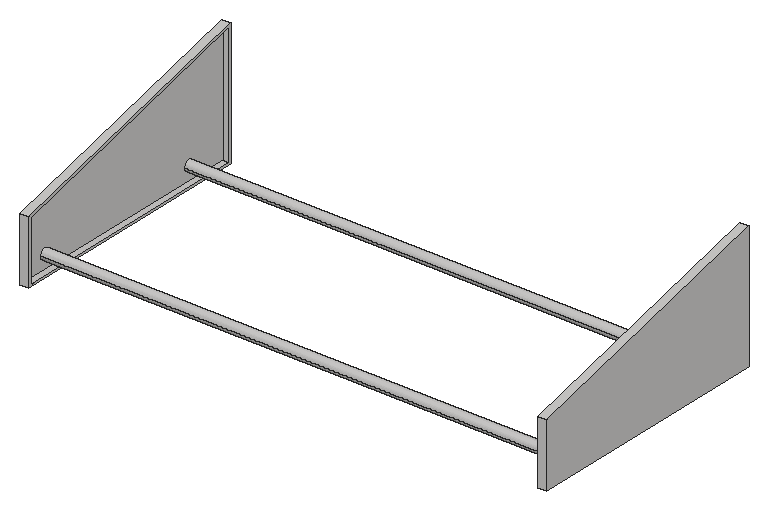
Revit family "QF_COZIL_TRT-06", category Equipamento especial, Revit 2020
Family settings
  Cota do conector redondo = Utilizar diâmetro
  Tipo de parte = Normal
  Número OmniClass = 23.40.40.14
  Título OmniClass = Food Service Equipment
  Com base no plano de trabalho = Não
  Sempre na vertical = Sim
  Corte com vazios quando carregada = Não
  Compartilhado = Não
  Ponto de cálculo do ambiente = Não
Parameters (values of type "TRT-06")
  Weight [instance] = 0.00 kg
  URL = "https://cozil.com.br/"
  Modelo = "TRT-06"
  Fabricante = "COZIL"
  Elevação padrão = 0 mm
  Descrição = "PRATELEIRA TUBULAR TIPO TRAY-REST"
  Type Comments = ""
  Show Logo [instance] = yes
  Show Clearances [instance] = yes
  Masterspec [instance] = ""
  Length Actual [instance] = 1250 mm
  Identify Quantity as Lot [instance] = yes
  Height Actual [instance] = 300 mm
  Foodservice Equipment Identifier [instance] = yes
  Depth Actual [instance] = 600 mm
  CSI MasterFormat [instance] = ""
  CE Approved [instance] = yes
  Accessory [instance] = yes
Reference planes
  plane 1 "Centro (Frontal/Traseira)": y = 0
  plane 2: z = 0
  plane 3 "Centro (Esquerda/Direita)": x = 0
  plane 4: x = -625
  plane 5: x = 625
  plane 6: y = -600
  plane 7: z = 300
  plane 8: x = -605
  plane 9: x = 605
  plane 10: x = -620
  plane 11: x = 620
  plane 12: z = 40
Forms (mm)
  Extrusion 1, solid, material "QF_Metal_Stainless Steel"
    sketch origin (-625, 1061.824, 4000) x (0, 1, 0) y (0, 0, 1)
      loop
        line (-1061.824, -3700) -> (-1661.824, -3849.597) -> (-1661.824, -4000) -> (-1061.824, -4000) -> (-1061.824, -3700)
    from 0 to 5
  Extrusion 2, solid, material "QF_Metal_Stainless Steel"
    sketch origin (625, 1061.824, 4000) x (0, 1, 0) y (0, 0, 1)
      loop
        line (-1661.824, -4000) -> (-1061.824, -4000) -> (-1061.824, -3700) -> (-1661.824, -3849.597) -> (-1661.824, -4000)
    from 0 to -5
  Extrusion 3, solid, material "QF_Metal_Stainless Steel"
    sketch origin (-620, 126.911, 4000) x (0, 1, 0) y (0, 0, 1)
      loop
        line (-721.911, -3853.503) -> (-721.911, -3995) -> (-131.911, -3995) -> (-131.911, -3706.4) -> (-721.911, -3853.503)
      loop
        line (-126.911, -3700) -> (-726.911, -3849.597) -> (-726.911, -4000) -> (-126.911, -4000) -> (-126.911, -3700)
    from 0 to 15
  Extrusion 4, solid, material "QF_Metal_Stainless Steel"
    sketch origin (620, -1143.195, 4000) x (0, -1, 0) y (0, 0, 1)
      loop
        line (-1143.195, -3700) -> (-1143.195, -4000) -> (-543.195, -4000) -> (-543.195, -3849.597) -> (-1143.195, -3700)
      loop
        line (-1138.195, -3706.4) -> (-1138.195, -3995) -> (-548.195, -3995) -> (-548.195, -3853.503) -> (-1138.195, -3706.4)
    from 0 to 15
  Extrusion 5, solid, material "QF_Metal_Stainless Steel"
    sketch origin (-620, 126.911, 4000) x (0, 1, 0) y (0, 0, 1)
      loop
        circle (-661.911, -3960) r 12.7
      loop
        circle (-233.911, -3960) r 12.7
    from 0 to 1240
Cuts and joins
  joined: Extrusion 1, Extrusion 3
  joined: Extrusion 2, Extrusion 4
Lines and regions (mm)
  symbolic lines
    curve 1: line (-625, 0, 0) -> (-605, 0, 0)
    curve 2: line (-625, -600, 0) -> (-625, 0, 0)
    curve 3: line (-605, -600, 0) -> (-625, -600, 0)
    curve 4: line (-605, 0, 0) -> (-605, -600, 0)
    curve 5: line (625, 0, 0) -> (605, 0, 0)
    curve 6: line (625, -600, 0) -> (625, 0, 0)
    curve 7: line (605, -600, 0) -> (625, -600, 0)
    curve 8: line (605, 0, 0) -> (605, -600, 0)
    curve 9: line (-605, -94.3, 0) -> (605, -94.3, 0)
    curve 10: line (605, -119.7, 0) -> (-605, -119.7, 0)
    curve 11: line (605, -522.3, 0) -> (-605, -522.3, 0)
    curve 12: line (-605, -547.7, 0) -> (605, -547.7, 0)
Dimensions and locks
  equal spacing: plane 4, plane 3 "Centro (Esquerda/Direita)", plane 5
  "Length Actual": plane 4 to plane 5
  "Depth Actual": plane 6 to plane 1 "Centro (Frontal/Traseira)"
  "Height Actual": level to plane 7
  locked: plane 4 to plane 8 at 20
  locked: plane 9 to plane 5 at 20
  locked: plane 11 to plane 5 at 5
  locked: plane 4 to plane 10 at 5
  locked: Extrusion 3 sketch curve to Extrusion 1 at 5
  locked: plane 1 "Centro (Frontal/Traseira)" to Extrusion 3 sketch curve at 5
  locked: Extrusion 3 sketch curve to plane 6 at 5
  locked: Extrusion 3 sketch curve to level at 5
  locked: plane 12 to level at 40
  locked: Extrusion 5 sketch curve to plane 6 at 65
  locked: plane 1 "Centro (Frontal/Traseira)" to Extrusion 5 sketch curve at 107
  aligned and locked: level to plane 2
  aligned and locked: Extrusion 1 sketch curve to plane 1 "Centro (Frontal/Traseira)"
  aligned and locked: Extrusion 1 sketch curve to plane 2
  aligned and locked: plane 6 to Extrusion 1 sketch curve
  aligned and locked: plane 7 to Extrusion 1 sketch curve
  aligned and locked: level to Extrusion 2 sketch curve
  aligned and locked: plane 1 "Centro (Frontal/Traseira)" to Extrusion 2 sketch curve
  aligned and locked: Extrusion 2 sketch curve to plane 6
  aligned and locked: plane 11 to Extrusion 2
  aligned and locked: Extrusion 3 sketch curve to Extrusion 1
  aligned and locked: plane 6 to Extrusion 3 sketch curve
  aligned and locked: Extrusion 3 sketch curve to level
  aligned and locked: Extrusion 3 sketch curve to plane 1 "Centro (Frontal/Traseira)"
  aligned and locked: plane 8 to Extrusion 3
  aligned and locked: Extrusion 4 sketch curve to cut or joined group of Extrusion 1, Extrusion 3  (x8)
  aligned and locked: Extrusion 4 to plane 9
  aligned and locked: Extrusion 5 to plane 11
  aligned and locked: curve 1 to cut or joined group of Extrusion 1, Extrusion 3
  aligned and locked: curve 2 to cut or joined group of Extrusion 1, Extrusion 3
  aligned and locked: curve 3 to cut or joined group of Extrusion 1, Extrusion 3
  aligned and locked: curve 4 to cut or joined group of Extrusion 1, Extrusion 3
  aligned and locked: curve 5 to cut or joined group of Extrusion 2, Extrusion 4
  aligned and locked: curve 6 to cut or joined group of Extrusion 2, Extrusion 4
  aligned and locked: curve 7 to cut or joined group of Extrusion 2, Extrusion 4
  aligned and locked: curve 8 to cut or joined group of Extrusion 2, Extrusion 4
Automatic sketch dimensions
  plane 7 to Extrusion 1 sketch curve = 149.597 mm
  plane 7 to Extrusion 2 sketch curve = 0 mm
  plane 7 to Extrusion 2 sketch curve = 149.597 mm
  plane 12 to Extrusion 5 sketch curve = 0 mm  (x2)
  curve 12 to plane 6 = 52.3 mm
  curve 12 to curve 11 = 25.4 mm
  curve 10 to curve 5 = 119.7 mm
  curve 10 to curve 9 = 25.4 mm
  radius of Extrusion 5 sketch curve = 12.7 mm  (x2)
